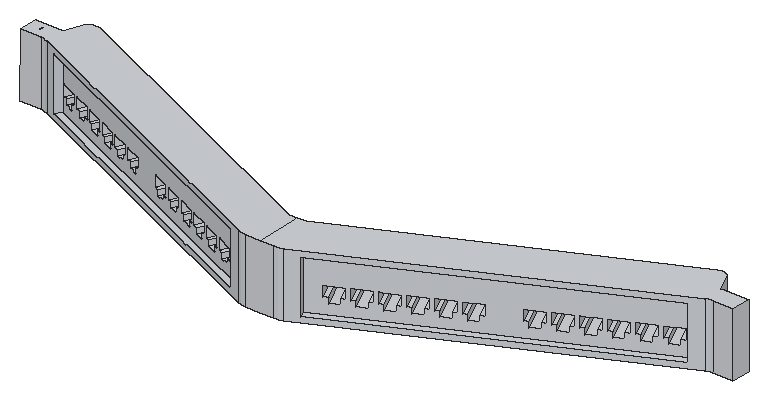
Revit family
Parameters (values of type "TEXT")
  Material ID = "760162826"
  Description = "Uniprise 10G Angled 24 Port Panel\r\n"
Reference planes (in)
  plane 1 "Center (Front/Back)": y = 0
  plane 2: z = 0
  plane 3 "Center (Left/Right)": x = 0
  plane 4: x = 0
Forms (in)
  Extrusion 1, solid
    sketch origin (0, 0, 0) x (1, 0, 0) y (0, 0, 1)
      loop
        line (0, 1.72) -> (-9.5, 1.72) -> (-9.5, 0) -> (0, 0) -> (9.5, 0) -> (9.5, 1.72) -> (0, 1.72)
    from 0 to 5
  Extrusion 2, void
    sketch origin (0, 0, 0) x (1, 0, 0) y (0, 1, 0)
      loop
        line (0, -3.75) -> (0.22211, -3.75) -> (8.20539, -0.02733)
        arc (8.20539, -0.02733) -> (8.4054, -0.01671) -> (8.56751, -0.13432) r 0.3
        line (8.56751, -0.13432) -> (8.78, -0.59) -> (10.67789, -0.59) -> (10.67789, 1.58554) -> (-10.07211, 1.58554) -> (-10.07211, -0.59) -> (-8.78, -0.59) -> (-8.56751, -0.13432)
        arc (-8.56751, -0.13432) -> (-8.4054, -0.01671) -> (-8.20539, -0.02733) r 0.3
        line (-8.20539, -0.02733) -> (-0.22211, -3.75) -> (0, -3.75)
      loop
        line (0, -5) -> (-0.37185, -5)
        arc (-0.37185, -5) -> (-0.49223, -4.98735) -> (-0.60735, -4.94994) r 0.57899
        line (-0.60735, -4.94994) -> (-8.77297, -1.14225)
        arc (-8.77297, -1.14225) -> (-8.86654, -1.11064) -> (-8.96473, -1.1) r 0.45422
        line (-8.96473, -1.1) -> (-10.07211, -1.1) -> (-10.07211, -6.6) -> (10.67789, -6.6) -> (10.67789, -1.1) -> (8.96473, -1.1)
        arc (8.96473, -1.1) -> (8.86654, -1.11064) -> (8.77297, -1.14225) r 0.45422
        line (8.77297, -1.14225) -> (0.60735, -4.94994)
        arc (0.60735, -4.94994) -> (0.49223, -4.98735) -> (0.37185, -5) r 0.57899
        line (0.37185, -5) -> (0, -5)
    from 0 to 12
  Extrusion 3, void
    sketch origin (-0.5, -5, 0) x (0.906308, -0.422618, 0) y (0, 0, -1)
      loop
        line (-8.78097, -1.575) -> (-0.48097, -1.575) -> (-0.48097, -0.145) -> (-8.78097, -0.145) -> (-8.78097, -1.575)
    from 0 to 0.2
  Extrusion 4, void
    sketch origin (-0.5, -5, 0) x (0.906308, -0.422618, 0) y (0, 0, -1)
      loop
        line (-8.69097, -0.85) -> (-8.20097, -0.85) -> (-8.20097, -0.56) -> (-8.31309, -0.56) -> (-8.31309, -0.416) -> (-8.57884, -0.416) -> (-8.57884, -0.56) -> (-8.69097, -0.56) -> (-8.69097, -0.85)
    from -6.11684 to 3.83475
  Extrusion 5, void
    sketch origin (0.5, -5, 0) x (-0.906308, -0.422618, 0) y (0, 0, 1)
      loop
        line (-8.78097, 1.575) -> (-8.78097, 0.145) -> (-0.48097, 0.145) -> (-0.48097, 1.575) -> (-8.78097, 1.575)
    from 0 to 0.2
  Extrusion 6, void
    sketch origin (0, 0, 0) x (1, 0, 0) y (0, 0, 1)
      loop
        line (-9.23838, 0.095) -> (-9.11238, 0.095)
        arc (-9.11238, 0.095) -> (-8.97238, 0.235) -> (-9.11238, 0.375) r 0.14
        line (-9.11238, 0.375) -> (-9.23838, 0.375)
        arc (-9.23838, 0.375) -> (-9.37838, 0.235) -> (-9.23838, 0.095) r 0.14
      loop
        line (-9.23838, 1.345) -> (-9.11238, 1.345)
        arc (-9.11238, 1.345) -> (-8.97238, 1.485) -> (-9.11238, 1.625) r 0.14
        line (-9.11238, 1.625) -> (-9.23838, 1.625)
        arc (-9.23838, 1.625) -> (-9.37838, 1.485) -> (-9.23838, 1.345) r 0.14
    from -1.65585 to 1.01797
  Extrusion 7, void
    sketch origin (0, 0, 0) x (-1, 0, 0) y (0, 0, -1)
      loop
        arc (-9.23838, -0.095) -> (-9.37838, -0.235) -> (-9.23838, -0.375) r 0.14
        line (-9.23838, -0.375) -> (-9.11238, -0.375)
        arc (-9.11238, -0.375) -> (-8.97238, -0.235) -> (-9.11238, -0.095) r 0.14
        line (-9.11238, -0.095) -> (-9.23838, -0.095)
      loop
        arc (-9.23838, -1.345) -> (-9.37838, -1.485) -> (-9.23838, -1.625) r 0.14
        line (-9.23838, -1.625) -> (-9.11238, -1.625)
        arc (-9.11238, -1.625) -> (-8.97238, -1.485) -> (-9.11238, -1.345) r 0.14
        line (-9.11238, -1.345) -> (-9.23838, -1.345)
    from -1.65585 to 1.01797
  Extrusion 8, void
    sketch origin (0.0425, -5.25297, 0) x (0.906308, -0.422618, 0) y (0, 0, -1)
      loop
        line (-8.69097, -0.85) -> (-8.20097, -0.85) -> (-8.20097, -0.56) -> (-8.31309, -0.56) -> (-8.31309, -0.416) -> (-8.57884, -0.416) -> (-8.57884, -0.56) -> (-8.69097, -0.56) -> (-8.69097, -0.85)
    from -6.11684 to 3.83475
  Extrusion 9, void
    sketch origin (0.58499, -5.50594, 0) x (0.906308, -0.422618, 0) y (0, 0, -1)
      loop
        line (-8.69097, -0.85) -> (-8.20097, -0.85) -> (-8.20097, -0.56) -> (-8.31309, -0.56) -> (-8.31309, -0.416) -> (-8.57884, -0.416) -> (-8.57884, -0.56) -> (-8.69097, -0.56) -> (-8.69097, -0.85)
    from -6.11684 to 3.83475
  Extrusion 10, void
    sketch origin (1.12749, -5.75891, 0) x (0.906308, -0.422618, 0) y (0, 0, -1)
      loop
        line (-8.69097, -0.85) -> (-8.20097, -0.85) -> (-8.20097, -0.56) -> (-8.31309, -0.56) -> (-8.31309, -0.416) -> (-8.57884, -0.416) -> (-8.57884, -0.56) -> (-8.69097, -0.56) -> (-8.69097, -0.85)
    from -6.11684 to 3.83475
  Extrusion 11, void
    sketch origin (1.66998, -6.01188, 0) x (0.906308, -0.422618, 0) y (0, 0, -1)
      loop
        line (-8.69097, -0.85) -> (-8.20097, -0.85) -> (-8.20097, -0.56) -> (-8.31309, -0.56) -> (-8.31309, -0.416) -> (-8.57884, -0.416) -> (-8.57884, -0.56) -> (-8.69097, -0.56) -> (-8.69097, -0.85)
    from -6.11684 to 3.83475
  Extrusion 12, void
    sketch origin (2.21248, -6.26485, 0) x (0.906308, -0.422618, 0) y (0, 0, -1)
      loop
        line (-8.69097, -0.85) -> (-8.20097, -0.85) -> (-8.20097, -0.56) -> (-8.31309, -0.56) -> (-8.31309, -0.416) -> (-8.57884, -0.416) -> (-8.57884, -0.56) -> (-8.69097, -0.56) -> (-8.69097, -0.85)
    from -6.11684 to 3.83475
  Extrusion 13, void
    sketch origin (3.39297, -6.81532, 0) x (0.906308, -0.422618, 0) y (0, 0, -1)
      loop
        line (-8.69097, -0.85) -> (-8.20097, -0.85) -> (-8.20097, -0.56) -> (-8.31309, -0.56) -> (-8.31309, -0.416) -> (-8.57884, -0.416) -> (-8.57884, -0.56) -> (-8.69097, -0.56) -> (-8.69097, -0.85)
    from -6.11684 to 3.83475
  Extrusion 14, void
    sketch origin (3.93546, -7.06829, 0) x (0.906308, -0.422618, 0) y (0, 0, -1)
      loop
        line (-8.69097, -0.85) -> (-8.20097, -0.85) -> (-8.20097, -0.56) -> (-8.31309, -0.56) -> (-8.31309, -0.416) -> (-8.57884, -0.416) -> (-8.57884, -0.56) -> (-8.69097, -0.56) -> (-8.69097, -0.85)
    from -6.11684 to 3.83475
  Extrusion 15, void
    sketch origin (4.47796, -7.32126, 0) x (0.906308, -0.422618, 0) y (0, 0, -1)
      loop
        line (-8.69097, -0.85) -> (-8.20097, -0.85) -> (-8.20097, -0.56) -> (-8.31309, -0.56) -> (-8.31309, -0.416) -> (-8.57884, -0.416) -> (-8.57884, -0.56) -> (-8.69097, -0.56) -> (-8.69097, -0.85)
    from -6.11684 to 3.83475
  Extrusion 16, void
    sketch origin (5.02045, -7.57423, 0) x (0.906308, -0.422618, 0) y (0, 0, -1)
      loop
        line (-8.69097, -0.85) -> (-8.20097, -0.85) -> (-8.20097, -0.56) -> (-8.31309, -0.56) -> (-8.31309, -0.416) -> (-8.57884, -0.416) -> (-8.57884, -0.56) -> (-8.69097, -0.56) -> (-8.69097, -0.85)
    from -6.11684 to 3.83475
  Extrusion 17, void
    sketch origin (5.56295, -7.8272, 0) x (0.906308, -0.422618, 0) y (0, 0, -1)
      loop
        line (-8.69097, -0.85) -> (-8.20097, -0.85) -> (-8.20097, -0.56) -> (-8.31309, -0.56) -> (-8.31309, -0.416) -> (-8.57884, -0.416) -> (-8.57884, -0.56) -> (-8.69097, -0.56) -> (-8.69097, -0.85)
    from -6.11684 to 3.83475
  Extrusion 18, void
    sketch origin (6.10544, -8.08017, 0) x (0.906308, -0.422618, 0) y (0, 0, -1)
      loop
        line (-8.69097, -0.85) -> (-8.20097, -0.85) -> (-8.20097, -0.56) -> (-8.31309, -0.56) -> (-8.31309, -0.416) -> (-8.57884, -0.416) -> (-8.57884, -0.56) -> (-8.69097, -0.56) -> (-8.69097, -0.85)
    from -6.11684 to 3.83475
  Extrusion 19, void
    sketch origin (0.5, -5, 0) x (-0.906308, -0.422618, 0) y (0, 0, 1)
      loop
        line (-8.69097, 0.85) -> (-8.69097, 0.56) -> (-8.57884, 0.56) -> (-8.57884, 0.416) -> (-8.31309, 0.416) -> (-8.31309, 0.56) -> (-8.20097, 0.56) -> (-8.20097, 0.85) -> (-8.69097, 0.85)
    from -6.11684 to 3.83475
  Extrusion 20, void
    sketch origin (-0.04162, -5.25256, 0) x (-0.906308, -0.422618, 0) y (0, 0, 1)
      loop
        line (-8.69097, 0.85) -> (-8.69097, 0.56) -> (-8.57884, 0.56) -> (-8.57884, 0.416) -> (-8.31309, 0.416) -> (-8.31309, 0.56) -> (-8.20097, 0.56) -> (-8.20097, 0.85) -> (-8.69097, 0.85)
    from -6.11684 to 3.83475
  Extrusion 21, void
    sketch origin (-0.58323, -5.50512, 0) x (-0.906308, -0.422618, 0) y (0, 0, 1)
      loop
        line (-8.69097, 0.85) -> (-8.69097, 0.56) -> (-8.57884, 0.56) -> (-8.57884, 0.416) -> (-8.31309, 0.416) -> (-8.31309, 0.56) -> (-8.20097, 0.56) -> (-8.20097, 0.85) -> (-8.69097, 0.85)
    from -6.11684 to 3.83475
  Extrusion 22, void
    sketch origin (-1.12485, -5.75768, 0) x (-0.906308, -0.422618, 0) y (0, 0, 1)
      loop
        line (-8.69097, 0.85) -> (-8.69097, 0.56) -> (-8.57884, 0.56) -> (-8.57884, 0.416) -> (-8.31309, 0.416) -> (-8.31309, 0.56) -> (-8.20097, 0.56) -> (-8.20097, 0.85) -> (-8.69097, 0.85)
    from -6.11684 to 3.83475
  Extrusion 23, void
    sketch origin (-1.66647, -6.01024, 0) x (-0.906308, -0.422618, 0) y (0, 0, 1)
      loop
        line (-8.69097, 0.85) -> (-8.69097, 0.56) -> (-8.57884, 0.56) -> (-8.57884, 0.416) -> (-8.31309, 0.416) -> (-8.31309, 0.56) -> (-8.20097, 0.56) -> (-8.20097, 0.85) -> (-8.69097, 0.85)
    from -6.11684 to 3.83475
  Extrusion 24, void
    sketch origin (-2.20809, -6.2628, 0) x (-0.906308, -0.422618, 0) y (0, 0, 1)
      loop
        line (-8.69097, 0.85) -> (-8.69097, 0.56) -> (-8.57884, 0.56) -> (-8.57884, 0.416) -> (-8.31309, 0.416) -> (-8.31309, 0.56) -> (-8.20097, 0.56) -> (-8.20097, 0.85) -> (-8.69097, 0.85)
    from -6.11684 to 3.83475
  Extrusion 25, void
    sketch origin (-3.39985, -6.81853, 0) x (-0.906308, -0.422618, 0) y (0, 0, 1)
      loop
        line (-8.69097, 0.85) -> (-8.69097, 0.56) -> (-8.57884, 0.56) -> (-8.57884, 0.416) -> (-8.31309, 0.416) -> (-8.31309, 0.56) -> (-8.20097, 0.56) -> (-8.20097, 0.85) -> (-8.69097, 0.85)
    from -6.11684 to 3.83475
  Extrusion 26, void
    sketch origin (-3.94147, -7.07109, 0) x (-0.906308, -0.422618, 0) y (0, 0, 1)
      loop
        line (-8.69097, 0.85) -> (-8.69097, 0.56) -> (-8.57884, 0.56) -> (-8.57884, 0.416) -> (-8.31309, 0.416) -> (-8.31309, 0.56) -> (-8.20097, 0.56) -> (-8.20097, 0.85) -> (-8.69097, 0.85)
    from -6.11684 to 3.83475
  Extrusion 27, void
    sketch origin (-4.48309, -7.32365, 0) x (-0.906308, -0.422618, 0) y (0, 0, 1)
      loop
        line (-8.69097, 0.85) -> (-8.69097, 0.56) -> (-8.57884, 0.56) -> (-8.57884, 0.416) -> (-8.31309, 0.416) -> (-8.31309, 0.56) -> (-8.20097, 0.56) -> (-8.20097, 0.85) -> (-8.69097, 0.85)
    from -6.11684 to 3.83475
  Extrusion 28, void
    sketch origin (-5.0247, -7.57621, 0) x (-0.906308, -0.422618, 0) y (0, 0, 1)
      loop
        line (-8.69097, 0.85) -> (-8.69097, 0.56) -> (-8.57884, 0.56) -> (-8.57884, 0.416) -> (-8.31309, 0.416) -> (-8.31309, 0.56) -> (-8.20097, 0.56) -> (-8.20097, 0.85) -> (-8.69097, 0.85)
    from -6.11684 to 3.83475
  Extrusion 29, void
    sketch origin (-5.56632, -7.82877, 0) x (-0.906308, -0.422618, 0) y (0, 0, 1)
      loop
        line (-8.69097, 0.85) -> (-8.69097, 0.56) -> (-8.57884, 0.56) -> (-8.57884, 0.416) -> (-8.31309, 0.416) -> (-8.31309, 0.56) -> (-8.20097, 0.56) -> (-8.20097, 0.85) -> (-8.69097, 0.85)
    from -6.11684 to 3.83475
  Extrusion 30, void
    sketch origin (-6.10794, -8.08133, 0) x (-0.906308, -0.422618, 0) y (0, 0, 1)
      loop
        line (-8.69097, 0.85) -> (-8.69097, 0.56) -> (-8.57884, 0.56) -> (-8.57884, 0.416) -> (-8.31309, 0.416) -> (-8.31309, 0.56) -> (-8.20097, 0.56) -> (-8.20097, 0.85) -> (-8.69097, 0.85)
    from -6.11684 to 3.83475
Cuts and joins
  Extrusion 2, Extrusion 3, Extrusion 4, Extrusion 5, Extrusion 6, Extrusion 7, Extrusion 8, Extrusion 9, Extrusion 10, Extrusion 11, Extrusion 12, Extrusion 13, Extrusion 14, Extrusion 15, Extrusion 16, Extrusion 17, Extrusion 18, Extrusion 19, Extrusion 20, Extrusion 21, Extrusion 22, Extrusion 23, Extrusion 24, Extrusion 25, Extrusion 26, Extrusion 27, Extrusion 28, Extrusion 29, Extrusion 30 cuts Extrusion 1
Dimensions and locks (in)
  equal spacing: group 1, group 2, group 3, group 4, group 5, group 6  (x2)
  equal spacing: group 6, group 5, group 4, group 3, group 2, group 1
  equal spacing: group 18, group 17, group 16, group 15, group 14, group 13  (x2)
  equal spacing: group 13, group 14, group 15, group 16, group 17, group 18
  aligned and locked: level to Extrusion 1 sketch curve
